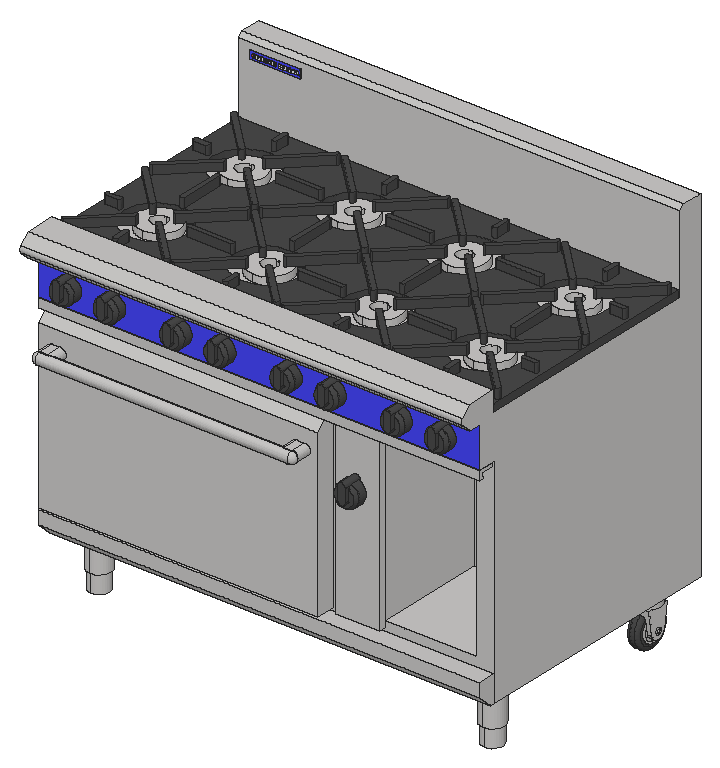
Revit family "QF_MOFFAT_BLUESEAL_CE_G58D", category Specialty Equipment, Revit 2012
Parameters
  Width = 1200 mm
  Weight in Pounds = 584
  Watts = 130 W
  Volts = 230 V
  URL Cutsheet = "www.moffat.com"
  URL = "www.moffat.com"
  Type Mark [instance] = ""
  Status [instance] = ""
  Specification by User [instance] = ""
  Specification by Manufacturer = ""
  Show Logo [instance] = yes
  Show Clearance [instance] = yes
  Show Casters [instance] = yes
  Serial Number = ""
  Seismic Rating = ""
  SMACNA No = ""
  Revision Code [instance] = ""
  Phase = 1
  Omniclass Number and Title = ""
  Number of Poles [instance] = 1
  NAFEM Spec ID Number = ""
  Model = "G58D"
  Min Ckt Ampacity = 0 A
  Mechanical Remarks = ""
  Mechanical Connection Type [instance] = ""
  Max Overcurrent Protection = 0 A
  Masterspec = ""
  Manufacturer = "MOFFAT BLUESEAL"
  Legs [instance] = not(Show Casters)  # no
  Item Number [instance] = ""
  Installed By [instance] = ""
  Identify Quantity as Lot [instance] = yes
  Height = 970 mm
  HP = ""
  Gas Size = 3/4"
  Gas RI Height [instance] = 0 mm
  Gas KW = 65
  Gas Input = 222500.0 Btu/h
  Gas Connection Height = 0 mm
  Furnished By [instance] = ""
  Foodservice Equipment Identifier [instance] = yes
  FL Amps = 0.6 A
  Electrical Remarks = ""
  Electric Connection Type = ""
  Elec Conn RI Height = 0 mm
  Elec Conn Connection Height = 0 mm
  Description = "1200MM GAS RANGE WITH CONVECTION OVEN"
  Depth = 812 mm
  Cycle = 60 Hz
  Conn Plug = ""
  Conn Conduit = yes
  CSI MasterFormat = ""
  CSI Master Format = ""
  Body Finish = QF_Finishes_Stainless Steel
  Apparent Power = 0 VA
Reference planes
  plane 1 "BACK": y = 0
  plane 2: z = 0
  plane 3 "LEFT": x = 0
  plane 4 "RIGHT": x = 1200
  plane 5 "FRONT": y = -812
  plane 6 "TOP": z = 970
  plane 7 "Center Y": x = 600
  plane 8 "Center X": y = -406
  plane 9: x = 280
  plane 10: y = -574.272
  plane 11: x = 60
  plane 12: y = -304.972
  plane 13: y = -364.972
  plane 14: x = 74
  plane 15: y = -812
  plane 16: x = 1134.5
  plane 17: y = -32
  plane 18: z = 655
  plane 19: x = 65.5
  plane 20: x = 65.8
  plane 21: z = 1085
  plane 22: y = -705
  plane 23: y = -100
Forms (mm)
  Extrusion 1, solid, material "QF_Finishes_Stainless Steel" <- "Body Finish"
    sketch origin (0, 0, 0) x (0, 1, 0) y (0, 0, 1)
      loop
        line (0, 150) -> (0, 1085) -> (-57.5, 1085) -> (-70, 1072.5) -> (-70, 861.8) -> (-705, 861.8) -> (-705, 915) -> (-783.97, 915) -> (-808.49, 890.48)
        arc (-808.49, 890.48) -> (-812.002, 882) -> (-808.49, 873.52) r 11.993
        line (-808.49, 873.52) -> (-784.97, 850) -> (-749, 850) -> (-749, 740) -> (-699, 740) -> (-699, 150) -> (0, 150)
      loop
        line (-749, 222.5) -> (-749, 186) -> (-713, 150) -> (-703.2, 150) -> (-703.2, 222.5) -> (-749, 222.5)
      loop
        line (-749, 713.781) -> (-740.224, 713.781) -> (-742.613, 730.781) -> (-707.93, 730.781) -> (-707.93, 737.784) -> (-749, 737.784) -> (-749, 713.781)
    from 0 to 1200
  Extrusion 2, solid, material "QF_Finishes_Stainless Steel"
    sketch origin (0, 7, 0) x (0, 1, 0) y (0, 0, 1)
      loop
        line (-706, 700) -> (-732, 700) -> (-756, 676) -> (-756, 227.5) -> (-706, 227.5) -> (-706, 700)
    from 0 to 760
  Extrusion 3, solid, material "QF_Finishes_Stainless Steel"
    sketch origin (723.5, 7, 0) x (0, 1, 0) y (0, 0, 1)
      loop
        line (-706, 700) -> (-721, 700) -> (-721, 227.5) -> (-706, 227.5) -> (-706, 700)
    from 56.898 to 176.5
  Revolve 4, solid, material "QF_Finishes_Stainless Steel" <- "Body Finish"
    sketch origin (1134.5, -696.126, 0) x (0, 1, 0) y (0, 0, -1)
      loop
        line (39.376, -150) -> (71.126, -150) -> (71.126, 0) -> (43.626, 0) -> (43.626, -50) -> (39.376, -50) -> (39.376, -150)
      axis (71.126, -150) -> (71.126, 0)
    angle from 0 to 360
  Revolve 5, solid, material "QF_Finishes_Stainless Steel" <- "Body Finish"
    sketch origin (65.5, -696.126, 0) x (0, 1, 0) y (0, 0, 1)
      loop
        line (39.376, 150) -> (39.376, 50) -> (43.626, 50) -> (43.626, 0) -> (71.126, 0) -> (71.126, 150) -> (39.376, 150)
      axis (71.126, 150) -> (71.126, 0)
    angle from 0 to 360
  Extrusion 6, solid, material "QF_Finishes_Stainless Steel"
    sketch origin (-64.5, 0, 325) x (1, 0, 0) y (0, 1, 0)
      loop
        circle (1134.5, -32) r 10
    from 330 to 374.856
  Extrusion 7, void
    sketch origin (0, -699, 150) x (0, 0, -1) y (-1, 0, 0)
      loop
        line (-529.781, -900) -> (-529.781, -1150) -> (-96, -1150) -> (-96, -900) -> (-529.781, -900)
    from 0 to 304.8
  Extrusion 8, solid, material "QF_Finishes_Black"
    sketch origin (0, -70, 861.8) x (0, -1, 0) y (1, 0, 0)
      loop
        arc (1, 4) -> (1.879, 1.879) -> (4, 1) r 3
        line (4, 1) -> (632, 1)
        arc (632, 1) -> (634.121, 1.879) -> (635, 4) r 3
        line (635, 4) -> (635, 1197)
        arc (635, 1197) -> (634.121, 1199.121) -> (632, 1200) r 3
        line (632, 1200) -> (4, 1200)
        arc (4, 1200) -> (1.879, 1199.121) -> (1, 1197) r 3
        line (1, 1197) -> (1, 4)
      loop
        circle (167.5, 150) r 85
      loop
        circle (167.5, 450) r 85
      loop
        circle (467.768, 150) r 85
      loop
        circle (467.768, 450) r 85
      loop
        circle (167.5, 750) r 85
      loop
        circle (467.768, 750) r 85
      loop
        circle (167.5, 1050) r 85
      loop
        circle (467.768, 1050) r 85
    from 0 to 19.5
  Extrusion 9, solid, material "QF_Finishes_Black"
    sketch origin (0, -70, 881.3) x (0, -1, 0) y (1, 0, 0)
      loop
        spline (327.102, 15.153) -> (326.181, 13.924) -> (325.631, 12.47) -> (325.49, 10.89) -> (325.767, 9.292) -> (326.443, 7.786) -> (327.473, 6.473) -> (328.786, 5.443) -> (330.292, 4.767) -> (331.89, 4.49) -> (333.47, 4.631) -> (334.924, 5.181) -> (336.153, 6.102)
        line (336.153, 6.102) -> (444.076, 114.025)
        spline (444.076, 114.025) -> (444.837, 115.095) -> (445.238, 116.399) -> (445.251, 117.851) -> (444.875, 119.35) -> (444.137, 120.795) -> (443.086, 122.086) -> (441.795, 123.137) -> (440.35, 123.875) -> (438.851, 124.251) -> (437.399, 124.238) -> (436.095, 123.837) -> (435.025, 123.076)
        line (435.025, 123.076) -> (327.102, 15.153)
      loop
        line (611.398, 15.153) -> (503.475, 123.076)
        spline (503.475, 123.076) -> (502.405, 123.837) -> (501.101, 124.238) -> (499.649, 124.251) -> (498.15, 123.875) -> (496.705, 123.137) -> (495.414, 122.086) -> (494.363, 120.795) -> (493.625, 119.35) -> (493.249, 117.851) -> (493.262, 116.399) -> (493.663, 115.095) -> (494.424, 114.025)
        line (494.424, 114.025) -> (602.347, 6.102)
        spline (602.347, 6.102) -> (603.416, 5.341) -> (604.721, 4.941) -> (606.172, 4.928) -> (607.671, 5.303) -> (609.116, 6.041) -> (610.408, 7.092) -> (611.459, 8.384) -> (612.197, 9.829) -> (612.572, 11.328) -> (612.559, 12.779) -> (612.159, 14.084) -> (611.398, 15.153)
      loop
        spline (379.102, 143.6) -> (380.396, 143.818) -> (381.602, 144.457) -> (382.638, 145.475) -> (383.432, 146.8) -> (383.932, 148.344) -> (384.102, 150) -> (383.932, 151.656) -> (383.432, 153.2) -> (382.638, 154.525) -> (381.602, 155.543) -> (380.396, 156.182) -> (379.102, 156.4)
        line (379.102, 156.4) -> (259.398, 156.4)
        spline (259.398, 156.4) -> (258.104, 156.182) -> (256.898, 155.543) -> (255.862, 154.525) -> (255.068, 153.2) -> (254.568, 151.656) -> (254.398, 150) -> (254.568, 148.344) -> (255.068, 146.8) -> (255.862, 145.475) -> (256.898, 144.457) -> (258.104, 143.818) -> (259.398, 143.6)
        line (259.398, 143.6) -> (379.102, 143.6)
      loop
        spline (23.602, 15.153) -> (22.681, 13.924) -> (22.131, 12.47) -> (21.99, 10.89) -> (22.267, 9.292) -> (22.943, 7.786) -> (23.973, 6.473) -> (25.286, 5.443) -> (26.792, 4.767) -> (28.39, 4.49) -> (29.97, 4.631) -> (31.424, 5.181) -> (32.653, 6.102)
        line (32.653, 6.102) -> (140.576, 114.025)
        spline (140.576, 114.025) -> (141.337, 115.095) -> (141.738, 116.399) -> (141.751, 117.851) -> (141.375, 119.35) -> (140.637, 120.795) -> (139.586, 122.086) -> (138.295, 123.137) -> (136.85, 123.875) -> (135.351, 124.251) -> (133.899, 124.238) -> (132.595, 123.837) -> (131.525, 123.076)
        line (131.525, 123.076) -> (23.602, 15.153)
      loop
        line (311.398, 15.153) -> (203.475, 123.076)
        spline (203.475, 123.076) -> (202.405, 123.837) -> (201.101, 124.238) -> (199.649, 124.251) -> (198.15, 123.875) -> (196.705, 123.137) -> (195.414, 122.086) -> (194.363, 120.795) -> (193.625, 119.35) -> (193.249, 117.851) -> (193.262, 116.399) -> (193.663, 115.095) -> (194.424, 114.025)
        line (194.424, 114.025) -> (302.347, 6.102)
        spline (302.347, 6.102) -> (303.416, 5.341) -> (304.721, 4.941) -> (306.172, 4.928) -> (307.671, 5.303) -> (309.116, 6.041) -> (310.408, 7.092) -> (311.459, 8.384) -> (312.197, 9.829) -> (312.572, 11.328) -> (312.559, 12.779) -> (312.159, 14.084) -> (311.398, 15.153)
      loop
        line (327.102, 284.847) -> (435.025, 176.924)
        spline (435.025, 176.924) -> (436.095, 176.163) -> (437.399, 175.762) -> (438.851, 175.749) -> (440.35, 176.125) -> (441.795, 176.863) -> (443.086, 177.914) -> (444.137, 179.205) -> (444.875, 180.65) -> (445.251, 182.149) -> (445.238, 183.601) -> (444.837, 184.905) -> (444.076, 185.975)
        line (444.076, 185.975) -> (336.153, 293.898)
        spline (336.153, 293.898) -> (334.924, 294.819) -> (333.47, 295.369) -> (331.89, 295.51) -> (330.292, 295.233) -> (328.786, 294.557) -> (327.473, 293.527) -> (326.443, 292.214) -> (325.767, 290.708) -> (325.49, 289.11) -> (325.631, 287.53) -> (326.181, 286.076) -> (327.102, 284.847)
      loop
        spline (611.398, 284.847) -> (612.159, 285.916) -> (612.559, 287.221) -> (612.572, 288.672) -> (612.197, 290.171) -> (611.459, 291.616) -> (610.408, 292.908) -> (609.116, 293.959) -> (607.671, 294.697) -> (606.172, 295.072) -> (604.721, 295.059) -> (603.416, 294.659) -> (602.347, 293.898)
        line (602.347, 293.898) -> (494.424, 185.975)
        spline (494.424, 185.975) -> (493.663, 184.905) -> (493.262, 183.601) -> (493.249, 182.149) -> (493.625, 180.65) -> (494.363, 179.205) -> (495.414, 177.914) -> (496.705, 176.863) -> (498.15, 176.125) -> (499.649, 175.749) -> (501.101, 175.762) -> (502.405, 176.163) -> (503.475, 176.924)
        line (503.475, 176.924) -> (611.398, 284.847)
      loop
        spline (461.1, 241.898) -> (461.318, 240.604) -> (461.957, 239.398) -> (462.975, 238.362) -> (464.3, 237.568) -> (465.844, 237.068) -> (467.5, 236.898) -> (469.156, 237.068) -> (470.7, 237.568) -> (472.025, 238.362) -> (473.043, 239.398) -> (473.682, 240.604) -> (473.9, 241.898)
        line (473.9, 241.898) -> (473.9, 358.102)
        spline (473.9, 358.102) -> (473.682, 359.396) -> (473.043, 360.602) -> (472.025, 361.638) -> (470.7, 362.432) -> (469.156, 362.932) -> (467.5, 363.102) -> (465.844, 362.932) -> (464.3, 362.432) -> (462.975, 361.638) -> (461.957, 360.602) -> (461.318, 359.396) -> (461.1, 358.102)
        line (461.1, 358.102) -> (461.1, 241.898)
      loop
        line (23.602, 284.847) -> (131.525, 176.924)
        spline (131.525, 176.924) -> (132.595, 176.163) -> (133.899, 175.762) -> (135.351, 175.749) -> (136.85, 176.125) -> (138.295, 176.863) -> (139.586, 177.914) -> (140.637, 179.205) -> (141.375, 180.65) -> (141.751, 182.149) -> (141.738, 183.601) -> (141.337, 184.905) -> (140.576, 185.975)
        line (140.576, 185.975) -> (32.653, 293.898)
        spline (32.653, 293.898) -> (31.424, 294.819) -> (29.97, 295.369) -> (28.39, 295.51) -> (26.792, 295.233) -> (25.286, 294.557) -> (23.973, 293.527) -> (22.943, 292.214) -> (22.267, 290.708) -> (21.99, 289.11) -> (22.131, 287.53) -> (22.681, 286.076) -> (23.602, 284.847)
      loop
        spline (311.398, 284.847) -> (312.159, 285.916) -> (312.559, 287.221) -> (312.572, 288.672) -> (312.197, 290.171) -> (311.459, 291.616) -> (310.408, 292.908) -> (309.116, 293.959) -> (307.671, 294.697) -> (306.172, 295.072) -> (304.721, 295.059) -> (303.416, 294.659) -> (302.347, 293.898)
        line (302.347, 293.898) -> (194.424, 185.975)
        spline (194.424, 185.975) -> (193.663, 184.905) -> (193.262, 183.601) -> (193.249, 182.149) -> (193.625, 180.65) -> (194.363, 179.205) -> (195.414, 177.914) -> (196.705, 176.863) -> (198.15, 176.125) -> (199.649, 175.749) -> (201.101, 175.762) -> (202.405, 176.163) -> (203.475, 176.924)
        line (203.475, 176.924) -> (311.398, 284.847)
      loop
        spline (161.1, 241.898) -> (161.318, 240.604) -> (161.957, 239.398) -> (162.975, 238.362) -> (164.3, 237.568) -> (165.844, 237.068) -> (167.5, 236.898) -> (169.156, 237.068) -> (170.7, 237.568) -> (172.025, 238.362) -> (173.043, 239.398) -> (173.682, 240.604) -> (173.9, 241.898)
        line (173.9, 241.898) -> (173.9, 358.102)
        spline (173.9, 358.102) -> (173.682, 359.396) -> (173.043, 360.602) -> (172.025, 361.638) -> (170.7, 362.432) -> (169.156, 362.932) -> (167.5, 363.102) -> (165.844, 362.932) -> (164.3, 362.432) -> (162.975, 361.638) -> (161.957, 360.602) -> (161.318, 359.396) -> (161.1, 358.102)
        line (161.1, 358.102) -> (161.1, 241.898)
      loop
        line (379.102, 456.4) -> (259.398, 456.4)
        spline (259.398, 456.4) -> (258.104, 456.182) -> (256.898, 455.543) -> (255.862, 454.525) -> (255.068, 453.2) -> (254.568, 451.656) -> (254.398, 450) -> (254.568, 448.344) -> (255.068, 446.8) -> (255.862, 445.475) -> (256.898, 444.457) -> (258.104, 443.818) -> (259.398, 443.6)
        line (259.398, 443.6) -> (379.102, 443.6)
        spline (379.102, 443.6) -> (380.396, 443.818) -> (381.602, 444.457) -> (382.638, 445.475) -> (383.432, 446.8) -> (383.932, 448.344) -> (384.102, 450) -> (383.932, 451.656) -> (383.432, 453.2) -> (382.638, 454.525) -> (381.602, 455.543) -> (380.396, 456.182) -> (379.102, 456.4)
      loop
        spline (327.102, 315.153) -> (326.181, 313.924) -> (325.631, 312.47) -> (325.49, 310.89) -> (325.767, 309.292) -> (326.443, 307.786) -> (327.473, 306.473) -> (328.786, 305.443) -> (330.292, 304.767) -> (331.89, 304.49) -> (333.47, 304.631) -> (334.924, 305.181) -> (336.153, 306.102)
        line (336.153, 306.102) -> (444.076, 414.025)
        spline (444.076, 414.025) -> (444.837, 415.095) -> (445.238, 416.399) -> (445.251, 417.851) -> (444.875, 419.35) -> (444.137, 420.795) -> (443.086, 422.086) -> (441.795, 423.137) -> (440.35, 423.875) -> (438.851, 424.251) -> (437.399, 424.238) -> (436.095, 423.837) -> (435.025, 423.076)
        line (435.025, 423.076) -> (327.102, 315.153)
      loop
        line (611.398, 315.153) -> (503.475, 423.076)
        spline (503.475, 423.076) -> (502.405, 423.837) -> (501.101, 424.238) -> (499.649, 424.251) -> (498.15, 423.875) -> (496.705, 423.137) -> (495.414, 422.086) -> (494.363, 420.795) -> (493.625, 419.35) -> (493.249, 417.851) -> (493.262, 416.399) -> (493.663, 415.095) -> (494.424, 414.025)
        line (494.424, 414.025) -> (602.347, 306.102)
        spline (602.347, 306.102) -> (603.416, 305.341) -> (604.721, 304.941) -> (606.172, 304.928) -> (607.671, 305.303) -> (609.116, 306.041) -> (610.408, 307.092) -> (611.459, 308.384) -> (612.197, 309.829) -> (612.572, 311.328) -> (612.559, 312.779) -> (612.159, 314.084) -> (611.398, 315.153)
      loop
        spline (23.602, 315.153) -> (22.681, 313.924) -> (22.131, 312.47) -> (21.99, 310.89) -> (22.267, 309.292) -> (22.943, 307.786) -> (23.973, 306.473) -> (25.286, 305.443) -> (26.792, 304.767) -> (28.39, 304.49) -> (29.97, 304.631) -> (31.424, 305.181) -> (32.653, 306.102)
        line (32.653, 306.102) -> (140.576, 414.025)
        spline (140.576, 414.025) -> (141.337, 415.095) -> (141.738, 416.399) -> (141.751, 417.851) -> (141.375, 419.35) -> (140.637, 420.795) -> (139.586, 422.086) -> (138.295, 423.137) -> (136.85, 423.875) -> (135.351, 424.251) -> (133.899, 424.238) -> (132.595, 423.837) -> (131.525, 423.076)
        line (131.525, 423.076) -> (23.602, 315.153)
      loop
        line (311.398, 315.153) -> (203.475, 423.076)
        spline (203.475, 423.076) -> (202.405, 423.837) -> (201.101, 424.238) -> (199.649, 424.251) -> (198.15, 423.875) -> (196.705, 423.137) -> (195.414, 422.086) -> (194.363, 420.795) -> (193.625, 419.35) -> (193.249, 417.851) -> (193.262, 416.399) -> (193.663, 415.095) -> (194.424, 414.025)
        line (194.424, 414.025) -> (302.347, 306.102)
        spline (302.347, 306.102) -> (303.416, 305.341) -> (304.721, 304.941) -> (306.172, 304.928) -> (307.671, 305.303) -> (309.116, 306.041) -> (310.408, 307.092) -> (311.459, 308.384) -> (312.197, 309.829) -> (312.572, 311.328) -> (312.559, 312.779) -> (312.159, 314.084) -> (311.398, 315.153)
      loop
        line (327.102, 584.847) -> (435.025, 476.924)
        spline (435.025, 476.924) -> (436.095, 476.163) -> (437.399, 475.762) -> (438.851, 475.749) -> (440.35, 476.125) -> (441.795, 476.863) -> (443.086, 477.914) -> (444.137, 479.205) -> (444.875, 480.65) -> (445.251, 482.149) -> (445.238, 483.601) -> (444.837, 484.905) -> (444.076, 485.975)
        line (444.076, 485.975) -> (336.153, 593.898)
        spline (336.153, 593.898) -> (334.924, 594.819) -> (333.47, 595.369) -> (331.89, 595.51) -> (330.292, 595.233) -> (328.786, 594.557) -> (327.473, 593.527) -> (326.443, 592.214) -> (325.767, 590.708) -> (325.49, 589.11) -> (325.631, 587.53) -> (326.181, 586.076) -> (327.102, 584.847)
      loop
        spline (611.398, 584.847) -> (612.159, 585.916) -> (612.559, 587.221) -> (612.572, 588.672) -> (612.197, 590.171) -> (611.459, 591.616) -> (610.408, 592.908) -> (609.116, 593.959) -> (607.671, 594.697) -> (606.172, 595.072) -> (604.721, 595.059) -> (603.416, 594.659) -> (602.347, 593.898)
        line (602.347, 593.898) -> (494.424, 485.975)
        spline (494.424, 485.975) -> (493.663, 484.905) -> (493.262, 483.601) -> (493.249, 482.149) -> (493.625, 480.65) -> (494.363, 479.205) -> (495.414, 477.914) -> (496.705, 476.863) -> (498.15, 476.125) -> (499.649, 475.749) -> (501.101, 475.762) -> (502.405, 476.163) -> (503.475, 476.924)
        line (503.475, 476.924) -> (611.398, 584.847)
      loop
        line (23.602, 584.847) -> (131.525, 476.924)
        spline (131.525, 476.924) -> (132.595, 476.163) -> (133.899, 475.762) -> (135.351, 475.749) -> (136.85, 476.125) -> (138.295, 476.863) -> (139.586, 477.914) -> (140.637, 479.205) -> (141.375, 480.65) -> (141.751, 482.149) -> (141.738, 483.601) -> (141.337, 484.905) -> (140.576, 485.975)
        line (140.576, 485.975) -> (32.653, 593.898)
        spline (32.653, 593.898) -> (31.424, 594.819) -> (29.97, 595.369) -> (28.39, 595.51) -> (26.792, 595.233) -> (25.286, 594.557) -> (23.973, 593.527) -> (22.943, 592.214) -> (22.267, 590.708) -> (21.99, 589.11) -> (22.131, 587.53) -> (22.681, 586.076) -> (23.602, 584.847)
      loop
        spline (311.398, 584.847) -> (312.159, 585.916) -> (312.559, 587.221) -> (312.572, 588.672) -> (312.197, 590.171) -> (311.459, 591.616) -> (310.408, 592.908) -> (309.116, 593.959) -> (307.671, 594.697) -> (306.172, 595.072) -> (304.721, 595.059) -> (303.416, 594.659) -> (302.347, 593.898)
        line (302.347, 593.898) -> (194.424, 485.975)
        spline (194.424, 485.975) -> (193.663, 484.905) -> (193.262, 483.601) -> (193.249, 482.149) -> (193.625, 480.65) -> (194.363, 479.205) -> (195.414, 477.914) -> (196.705, 476.863) -> (198.15, 476.125) -> (199.649, 475.749) -> (201.101, 475.762) -> (202.405, 476.163) -> (203.475, 476.924)
        line (203.475, 476.924) -> (311.398, 584.847)
      loop
        spline (461.1, 541.898) -> (461.318, 540.604) -> (461.957, 539.398) -> (462.975, 538.362) -> (464.3, 537.568) -> (465.844, 537.068) -> (467.5, 536.898) -> (469.156, 537.068) -> (470.7, 537.568) -> (472.025, 538.362) -> (473.043, 539.398) -> (473.682, 540.604) -> (473.9, 541.898)
        line (473.9, 541.898) -> (473.9, 658.102)
        spline (473.9, 658.102) -> (473.682, 659.396) -> (473.043, 660.602) -> (472.025, 661.638) -> (470.7, 662.432) -> (469.156, 662.932) -> (467.5, 663.102) -> (465.844, 662.932) -> (464.3, 662.432) -> (462.975, 661.638) -> (461.957, 660.602) -> (461.318, 659.396) -> (461.1, 658.102)
        line (461.1, 658.102) -> (461.1, 541.898)
      loop
        spline (161.1, 541.898) -> (161.318, 540.604) -> (161.957, 539.398) -> (162.975, 538.362) -> (164.3, 537.568) -> (165.844, 537.068) -> (167.5, 536.898) -> (169.156, 537.068) -> (170.7, 537.568) -> (172.025, 538.362) -> (173.043, 539.398) -> (173.682, 540.604) -> (173.9, 541.898)
        line (173.9, 541.898) -> (173.9, 658.102)
        spline (173.9, 658.102) -> (173.682, 659.396) -> (173.043, 660.602) -> (172.025, 661.638) -> (170.7, 662.432) -> (169.156, 662.932) -> (167.5, 663.102) -> (165.844, 662.932) -> (164.3, 662.432) -> (162.975, 661.638) -> (161.957, 660.602) -> (161.318, 659.396) -> (161.1, 658.102)
        line (161.1, 658.102) -> (161.1, 541.898)
      loop
        line (379.102, 756.4) -> (259.398, 756.4)
        spline (259.398, 756.4) -> (258.104, 756.182) -> (256.898, 755.543) -> (255.862, 754.525) -> (255.068, 753.2) -> (254.568, 751.656) -> (254.398, 750) -> (254.568, 748.344) -> (255.068, 746.8) -> (255.862, 745.475) -> (256.898, 744.457) -> (258.104, 743.818) -> (259.398, 743.6)
        line (259.398, 743.6) -> (379.102, 743.6)
        spline (379.102, 743.6) -> (380.396, 743.818) -> (381.602, 744.457) -> (382.638, 745.475) -> (383.432, 746.8) -> (383.932, 748.344) -> (384.102, 750) -> (383.932, 751.656) -> (383.432, 753.2) -> (382.638, 754.525) -> (381.602, 755.543) -> (380.396, 756.182) -> (379.102, 756.4)
      loop
        spline (327.102, 615.153) -> (326.181, 613.924) -> (325.631, 612.47) -> (325.49, 610.89) -> (325.767, 609.292) -> (326.443, 607.786) -> (327.473, 606.473) -> (328.786, 605.443) -> (330.292, 604.767) -> (331.89, 604.49) -> (333.47, 604.631) -> (334.924, 605.181) -> (336.153, 606.102)
        line (336.153, 606.102) -> (444.076, 714.025)
        spline (444.076, 714.025) -> (444.837, 715.095) -> (445.238, 716.399) -> (445.251, 717.851) -> (444.875, 719.35) -> (444.137, 720.795) -> (443.086, 722.086) -> (441.795, 723.137) -> (440.35, 723.875) -> (438.851, 724.251) -> (437.399, 724.238) -> (436.095, 723.837) -> (435.025, 723.076)
        line (435.025, 723.076) -> (327.102, 615.153)
      loop
        line (611.398, 615.153) -> (503.475, 723.076)
        spline (503.475, 723.076) -> (502.405, 723.837) -> (501.101, 724.238) -> (499.649, 724.251) -> (498.15, 723.875) -> (496.705, 723.137) -> (495.414, 722.086) -> (494.363, 720.795) -> (493.625, 719.35) -> (493.249, 717.851) -> (493.262, 716.399) -> (493.663, 715.095) -> (494.424, 714.025)
        line (494.424, 714.025) -> (602.347, 606.102)
        spline (602.347, 606.102) -> (603.416, 605.341) -> (604.721, 604.941) -> (606.172, 604.928) -> (607.671, 605.303) -> (609.116, 606.041) -> (610.408, 607.092) -> (611.459, 608.384) -> (612.197, 609.829) -> (612.572, 611.328) -> (612.559, 612.779) -> (612.159, 614.084) -> (611.398, 615.153)
      loop
        spline (23.602, 615.153) -> (22.681, 613.924) -> (22.131, 612.47) -> (21.99, 610.89) -> (22.267, 609.292) -> (22.943, 607.786) -> (23.973, 606.473) -> (25.286, 605.443) -> (26.792, 604.767) -> (28.39, 604.49) -> (29.97, 604.631) -> (31.424, 605.181) -> (32.653, 606.102)
        line (32.653, 606.102) -> (140.576, 714.025)
        spline (140.576, 714.025) -> (141.337, 715.095) -> (141.738, 716.399) -> (141.751, 717.851) -> (141.375, 719.35) -> (140.637, 720.795) -> (139.586, 722.086) -> (138.295, 723.137) -> (136.85, 723.875) -> (135.351, 724.251) -> (133.899, 724.238) -> (132.595, 723.837) -> (131.525, 723.076)
        line (131.525, 723.076) -> (23.602, 615.153)
      loop
        line (311.398, 615.153) -> (203.475, 723.076)
        spline (203.475, 723.076) -> (202.405, 723.837) -> (201.101, 724.238) -> (199.649, 724.251) -> (198.15, 723.875) -> (196.705, 723.137) -> (195.414, 722.086) -> (194.363, 720.795) -> (193.625, 719.35) -> (193.249, 717.851) -> (193.262, 716.399) -> (193.663, 715.095) -> (194.424, 714.025)
        line (194.424, 714.025) -> (302.347, 606.102)
        spline (302.347, 606.102) -> (303.416, 605.341) -> (304.721, 604.941) -> (306.172, 604.928) -> (307.671, 605.303) -> (309.116, 606.041) -> (310.408, 607.092) -> (311.459, 608.384) -> (312.197, 609.829) -> (312.572, 611.328) -> (312.559, 612.779) -> (312.159, 614.084) -> (311.398, 615.153)
      loop
        line (327.102, 884.847) -> (435.025, 776.924)
        spline (435.025, 776.924) -> (436.095, 776.163) -> (437.399, 775.762) -> (438.851, 775.749) -> (440.35, 776.125) -> (441.795, 776.863) -> (443.086, 777.914) -> (444.137, 779.205) -> (444.875, 780.65) -> (445.251, 782.149) -> (445.238, 783.601) -> (444.837, 784.905) -> (444.076, 785.975)
        line (444.076, 785.975) -> (336.153, 893.898)
        spline (336.153, 893.898) -> (334.924, 894.819) -> (333.47, 895.369) -> (331.89, 895.51) -> (330.292, 895.233) -> (328.786, 894.557) -> (327.473, 893.527) -> (326.443, 892.214) -> (325.767, 890.708) -> (325.49, 889.11) -> (325.631, 887.53) -> (326.181, 886.076) -> (327.102, 884.847)
      loop
        spline (611.398, 884.847) -> (612.159, 885.916) -> (612.559, 887.221) -> (612.572, 888.672) -> (612.197, 890.171) -> (611.459, 891.616) -> (610.408, 892.908) -> (609.116, 893.959) -> (607.671, 894.697) -> (606.172, 895.072) -> (604.721, 895.059) -> (603.416, 894.659) -> (602.347, 893.898)
        line (602.347, 893.898) -> (494.424, 785.975)
        spline (494.424, 785.975) -> (493.663, 784.905) -> (493.262, 783.601) -> (493.249, 782.149) -> (493.625, 780.65) -> (494.363, 779.205) -> (495.414, 777.914) -> (496.705, 776.863) -> (498.15, 776.125) -> (499.649, 775.749) -> (501.101, 775.762) -> (502.405, 776.163) -> (503.475, 776.924)
        line (503.475, 776.924) -> (611.398, 884.847)
      loop
        line (23.602, 884.847) -> (131.525, 776.924)
        spline (131.525, 776.924) -> (132.595, 776.163) -> (133.899, 775.762) -> (135.351, 775.749) -> (136.85, 776.125) -> (138.295, 776.863) -> (139.586, 777.914) -> (140.637, 779.205) -> (141.375, 780.65) -> (141.751, 782.149) -> (141.738, 783.601) -> (141.337, 784.905) -> (140.576, 785.975)
        line (140.576, 785.975) -> (32.653, 893.898)
        spline (32.653, 893.898) -> (31.424, 894.819) -> (29.97, 895.369) -> (28.39, 895.51) -> (26.792, 895.233) -> (25.286, 894.557) -> (23.973, 893.527) -> (22.943, 892.214) -> (22.267, 890.708) -> (21.99, 889.11) -> (22.131, 887.53) -> (22.681, 886.076) -> (23.602, 884.847)
      loop
        spline (311.398, 884.847) -> (312.159, 885.916) -> (312.559, 887.221) -> (312.572, 888.672) -> (312.197, 890.171) -> (311.459, 891.616) -> (310.408, 892.908) -> (309.116, 893.959) -> (307.671, 894.697) -> (306.172, 895.072) -> (304.721, 895.059) -> (303.416, 894.659) -> (302.347, 893.898)
        line (302.347, 893.898) -> (194.424, 785.975)
        spline (194.424, 785.975) -> (193.663, 784.905) -> (193.262, 783.601) -> (193.249, 782.149) -> (193.625, 780.65) -> (194.363, 779.205) -> (195.414, 777.914) -> (196.705, 776.863) -> (198.15, 776.125) -> (199.649, 775.749) -> (201.101, 775.762) -> (202.405, 776.163) -> (203.475, 776.924)
        line (203.475, 776.924) -> (311.398, 884.847)
      loop
        line (327.102, 1184.847) -> (435.025, 1076.924)
        spline (435.025, 1076.924) -> (436.095, 1076.163) -> (437.399, 1075.762) -> (438.851, 1075.749) -> (440.35, 1076.125) -> (441.795, 1076.863) -> (443.086, 1077.914) -> (444.137, 1079.205) -> (444.875, 1080.65) -> (445.251, 1082.149) -> (445.238, 1083.601) -> (444.837, 1084.905) -> (444.076, 1085.975)
        line (444.076, 1085.975) -> (336.153, 1193.898)
        spline (336.153, 1193.898) -> (334.924, 1194.819) -> (333.47, 1195.369) -> (331.89, 1195.51) -> (330.292, 1195.233) -> (328.786, 1194.557) -> (327.473, 1193.527) -> (326.443, 1192.214) -> (325.767, 1190.708) -> (325.49, 1189.11) -> (325.631, 1187.53) -> (326.181, 1186.076) -> (327.102, 1184.847)
      loop
        spline (611.398, 1184.847) -> (612.159, 1185.916) -> (612.559, 1187.221) -> (612.572, 1188.672) -> (612.197, 1190.171) -> (611.459, 1191.616) -> (610.408, 1192.908) -> (609.116, 1193.959) -> (607.671, 1194.697) -> (606.172, 1195.072) -> (604.721, 1195.059) -> (603.416, 1194.659) -> (602.347, 1193.898)
        line (602.347, 1193.898) -> (494.424, 1085.975)
        spline (494.424, 1085.975) -> (493.663, 1084.905) -> (493.262, 1083.601) -> (493.249, 1082.149) -> (493.625, 1080.65) -> (494.363, 1079.205) -> (495.414, 1077.914) -> (496.705, 1076.863) -> (498.15, 1076.125) -> (499.649, 1075.749) -> (501.101, 1075.762) -> (502.405, 1076.163) -> (503.475, 1076.924)
        line (503.475, 1076.924) -> (611.398, 1184.847)
      loop
        line (379.102, 1056.4) -> (259.398, 1056.4)
        spline (259.398, 1056.4) -> (258.104, 1056.182) -> (256.898, 1055.543) -> (255.862, 1054.525) -> (255.068, 1053.2) -> (254.568, 1051.656) -> (254.398, 1050) -> (254.568, 1048.344) -> (255.068, 1046.8) -> (255.862, 1045.475) -> (256.898, 1044.457) -> (258.104, 1043.818) -> (259.398, 1043.6)
        line (259.398, 1043.6) -> (379.102, 1043.6)
        spline (379.102, 1043.6) -> (380.396, 1043.818) -> (381.602, 1044.457) -> (382.638, 1045.475) -> (383.432, 1046.8) -> (383.932, 1048.344) -> (384.102, 1050) -> (383.932, 1051.656) -> (383.432, 1053.2) -> (382.638, 1054.525) -> (381.602, 1055.543) -> (380.396, 1056.182) -> (379.102, 1056.4)
      loop
        line (23.602, 1184.847) -> (131.525, 1076.924)
        spline (131.525, 1076.924) -> (132.595, 1076.163) -> (133.899, 1075.762) -> (135.351, 1075.749) -> (136.85, 1076.125) -> (138.295, 1076.863) -> (139.586, 1077.914) -> (140.637, 1079.205) -> (141.375, 1080.65) -> (141.751, 1082.149) -> (141.738, 1083.601) -> (141.337, 1084.905) -> (140.576, 1085.975)
        line (140.576, 1085.975) -> (32.653, 1193.898)
        spline (32.653, 1193.898) -> (31.424, 1194.819) -> (29.97, 1195.369) -> (28.39, 1195.51) -> (26.792, 1195.233) -> (25.286, 1194.557) -> (23.973, 1193.527) -> (22.943, 1192.214) -> (22.267, 1190.708) -> (21.99, 1189.11) -> (22.131, 1187.53) -> (22.681, 1186.076) -> (23.602, 1184.847)
      loop
        spline (311.398, 1184.847) -> (312.159, 1185.916) -> (312.559, 1187.221) -> (312.572, 1188.672) -> (312.197, 1190.171) -> (311.459, 1191.616) -> (310.408, 1192.908) -> (309.116, 1193.959) -> (307.671, 1194.697) -> (306.172, 1195.072) -> (304.721, 1195.059) -> (303.416, 1194.659) -> (302.347, 1193.898)
        line (302.347, 1193.898) -> (194.424, 1085.975)
        spline (194.424, 1085.975) -> (193.663, 1084.905) -> (193.262, 1083.601) -> (193.249, 1082.149) -> (193.625, 1080.65) -> (194.363, 1079.205) -> (195.414, 1077.914) -> (196.705, 1076.863) -> (198.15, 1076.125) -> (199.649, 1075.749) -> (201.101, 1075.762) -> (202.405, 1076.163) -> (203.475, 1076.924)
        line (203.475, 1076.924) -> (311.398, 1184.847)
      loop
        spline (327.102, 915.153) -> (326.181, 913.924) -> (325.631, 912.47) -> (325.49, 910.89) -> (325.767, 909.292) -> (326.443, 907.786) -> (327.473, 906.473) -> (328.786, 905.443) -> (330.292, 904.767) -> (331.89, 904.49) -> (333.47, 904.631) -> (334.924, 905.181) -> (336.153, 906.102)
        line (336.153, 906.102) -> (444.076, 1014.025)
        spline (444.076, 1014.025) -> (444.837, 1015.095) -> (445.238, 1016.399) -> (445.251, 1017.851) -> (444.875, 1019.35) -> (444.137, 1020.795) -> (443.086, 1022.086) -> (441.795, 1023.137) -> (440.35, 1023.875) -> (438.851, 1024.251) -> (437.399, 1024.238) -> (436.095, 1023.837) -> (435.025, 1023.076)
        line (435.025, 1023.076) -> (327.102, 915.153)
      loop
        line (611.398, 915.153) -> (503.475, 1023.076)
        spline (503.475, 1023.076) -> (502.405, 1023.837) -> (501.101, 1024.238) -> (499.649, 1024.251) -> (498.15, 1023.875) -> (496.705, 1023.137) -> (495.414, 1022.086) -> (494.363, 1020.795) -> (493.625, 1019.35) -> (493.249, 1017.851) -> (493.262, 1016.399) -> (493.663, 1015.095) -> (494.424, 1014.025)
        line (494.424, 1014.025) -> (602.347, 906.102)
        spline (602.347, 906.102) -> (603.416, 905.341) -> (604.721, 904.941) -> (606.172, 904.928) -> (607.671, 905.303) -> (609.116, 906.041) -> (610.408, 907.092) -> (611.459, 908.384) -> (612.197, 909.829) -> (612.572, 911.328) -> (612.559, 912.779) -> (612.159, 914.084) -> (611.398, 915.153)
      loop
        spline (23.602, 915.153) -> (22.681, 913.924) -> (22.131, 912.47) -> (21.99, 910.89) -> (22.267, 909.292) -> (22.943, 907.786) -> (23.973, 906.473) -> (25.286, 905.443) -> (26.792, 904.767) -> (28.39, 904.49) -> (29.97, 904.631) -> (31.424, 905.181) -> (32.653, 906.102)
        line (32.653, 906.102) -> (140.576, 1014.025)
        spline (140.576, 1014.025) -> (141.337, 1015.095) -> (141.738, 1016.399) -> (141.751, 1017.851) -> (141.375, 1019.35) -> (140.637, 1020.795) -> (139.586, 1022.086) -> (138.295, 1023.137) -> (136.85, 1023.875) -> (135.351, 1024.251) -> (133.899, 1024.238) -> (132.595, 1023.837) -> (131.525, 1023.076)
        line (131.525, 1023.076) -> (23.602, 915.153)
      loop
        line (311.398, 915.153) -> (203.475, 1023.076)
        spline (203.475, 1023.076) -> (202.405, 1023.837) -> (201.101, 1024.238) -> (199.649, 1024.251) -> (198.15, 1023.875) -> (196.705, 1023.137) -> (195.414, 1022.086) -> (194.363, 1020.795) -> (193.625, 1019.35) -> (193.249, 1017.851) -> (193.262, 1016.399) -> (193.663, 1015.095) -> (194.424, 1014.025)
        line (194.424, 1014.025) -> (302.347, 906.102)
        spline (302.347, 906.102) -> (303.416, 905.341) -> (304.721, 904.941) -> (306.172, 904.928) -> (307.671, 905.303) -> (309.116, 906.041) -> (310.408, 907.092) -> (311.459, 908.384) -> (312.197, 909.829) -> (312.572, 911.328) -> (312.559, 912.779) -> (312.159, 914.084) -> (311.398, 915.153)
      loop
        line (461.1, 958.102) -> (461.1, 841.898)
        spline (461.1, 841.898) -> (461.318, 840.604) -> (461.957, 839.398) -> (462.975, 838.362) -> (464.3, 837.568) -> (465.844, 837.068) -> (467.5, 836.898) -> (469.156, 837.068) -> (470.7, 837.568) -> (472.025, 838.362) -> (473.043, 839.398) -> (473.682, 840.604) -> (473.9, 841.898)
        line (473.9, 841.898) -> (473.9, 958.102)
        spline (473.9, 958.102) -> (473.682, 959.396) -> (473.043, 960.602) -> (472.025, 961.638) -> (470.7, 962.432) -> (469.156, 962.932) -> (467.5, 963.102) -> (465.844, 962.932) -> (464.3, 962.432) -> (462.975, 961.638) -> (461.957, 960.602) -> (461.318, 959.396) -> (461.1, 958.102)
      loop
        line (161.1, 958.102) -> (161.1, 841.898)
        spline (161.1, 841.898) -> (161.318, 840.604) -> (161.957, 839.398) -> (162.975, 838.362) -> (164.3, 837.568) -> (165.844, 837.068) -> (167.5, 836.898) -> (169.156, 837.068) -> (170.7, 837.568) -> (172.025, 838.362) -> (173.043, 839.398) -> (173.682, 840.604) -> (173.9, 841.898)
        line (173.9, 841.898) -> (173.9, 958.102)
        spline (173.9, 958.102) -> (173.682, 959.396) -> (173.043, 960.602) -> (172.025, 961.638) -> (170.7, 962.432) -> (169.156, 962.932) -> (167.5, 963.102) -> (165.844, 962.932) -> (164.3, 962.432) -> (162.975, 961.638) -> (161.957, 960.602) -> (161.318, 959.396) -> (161.1, 958.102)
      loop
        spline (65.602, 143.6) -> (66.896, 143.818) -> (68.102, 144.457) -> (69.138, 145.475) -> (69.932, 146.8) -> (70.432, 148.344) -> (70.602, 150) -> (70.432, 151.656) -> (69.932, 153.2) -> (69.138, 154.525) -> (68.102, 155.543) -> (66.896, 156.182) -> (65.602, 156.4)
        line (65.602, 156.4) -> (29.398, 156.4)
        spline (29.398, 156.4) -> (28.104, 156.182) -> (26.898, 155.543) -> (25.862, 154.525) -> (25.068, 153.2) -> (24.568, 151.656) -> (24.398, 150) -> (24.568, 148.344) -> (25.068, 146.8) -> (25.862, 145.475) -> (26.898, 144.457) -> (28.104, 143.818) -> (29.398, 143.6)
        line (29.398, 143.6) -> (65.602, 143.6)
      loop
        spline (65.602, 443.6) -> (66.896, 443.818) -> (68.102, 444.457) -> (69.138, 445.475) -> (69.932, 446.8) -> (70.432, 448.344) -> (70.602, 450) -> (70.432, 451.656) -> (69.932, 453.2) -> (69.138, 454.525) -> (68.102, 455.543) -> (66.896, 456.182) -> (65.602, 456.4)
        line (65.602, 456.4) -> (29.398, 456.4)
        spline (29.398, 456.4) -> (28.104, 456.182) -> (26.898, 455.543) -> (25.862, 454.525) -> (25.068, 453.2) -> (24.568, 451.656) -> (24.398, 450) -> (24.568, 448.344) -> (25.068, 446.8) -> (25.862, 445.475) -> (26.898, 444.457) -> (28.104, 443.818) -> (29.398, 443.6)
        line (29.398, 443.6) -> (65.602, 443.6)
      loop
        spline (65.602, 743.6) -> (66.896, 743.818) -> (68.102, 744.457) -> (69.138, 745.475) -> (69.932, 746.8) -> (70.432, 748.344) -> (70.602, 750) -> (70.432, 751.656) -> (69.932, 753.2) -> (69.138, 754.525) -> (68.102, 755.543) -> (66.896, 756.182) -> (65.602, 756.4)
        line (65.602, 756.4) -> (29.398, 756.4)
        spline (29.398, 756.4) -> (28.104, 756.182) -> (26.898, 755.543) -> (25.862, 754.525) -> (25.068, 753.2) -> (24.568, 751.656) -> (24.398, 750) -> (24.568, 748.344) -> (25.068, 746.8) -> (25.862, 745.475) -> (26.898, 744.457) -> (28.104, 743.818) -> (29.398, 743.6)
        line (29.398, 743.6) -> (65.602, 743.6)
      loop
        spline (65.602, 1043.6) -> (66.896, 1043.818) -> (68.102, 1044.457) -> (69.138, 1045.475) -> (69.932, 1046.8) -> (70.432, 1048.344) -> (70.602, 1050) -> (70.432, 1051.656) -> (69.932, 1053.2) -> (69.138, 1054.525) -> (68.102, 1055.543) -> (66.896, 1056.182) -> (65.602, 1056.4)
        line (65.602, 1056.4) -> (29.398, 1056.4)
        spline (29.398, 1056.4) -> (28.104, 1056.182) -> (26.898, 1055.543) -> (25.862, 1054.525) -> (25.068, 1053.2) -> (24.568, 1051.656) -> (24.398, 1050) -> (24.568, 1048.344) -> (25.068, 1046.8) -> (25.862, 1045.475) -> (26.898, 1044.457) -> (28.104, 1043.818) -> (29.398, 1043.6)
        line (29.398, 1043.6) -> (65.602, 1043.6)
      loop
        spline (605.602, 143.6) -> (606.896, 143.818) -> (608.102, 144.457) -> (609.138, 145.475) -> (609.932, 146.8) -> (610.432, 148.344) -> (610.602, 150) -> (610.432, 151.656) -> (609.932, 153.2) -> (609.138, 154.525) -> (608.102, 155.543) -> (606.896, 156.182) -> (605.602, 156.4)
        line (605.602, 156.4) -> (569.398, 156.4)
        spline (569.398, 156.4) -> (568.104, 156.182) -> (566.898, 155.543) -> (565.862, 154.525) -> (565.068, 153.2) -> (564.568, 151.656) -> (564.398, 150) -> (564.568, 148.344) -> (565.068, 146.8) -> (565.862, 145.475) -> (566.898, 144.457) -> (568.104, 143.818) -> (569.398, 143.6)
        line (569.398, 143.6) -> (605.602, 143.6)
      loop
        spline (605.602, 443.6) -> (606.896, 443.818) -> (608.102, 444.457) -> (609.138, 445.475) -> (609.932, 446.8) -> (610.432, 448.344) -> (610.602, 450) -> (610.432, 451.656) -> (609.932, 453.2) -> (609.138, 454.525) -> (608.102, 455.543) -> (606.896, 456.182) -> (605.602, 456.4)
        line (605.602, 456.4) -> (569.398, 456.4)
        spline (569.398, 456.4) -> (568.104, 456.182) -> (566.898, 455.543) -> (565.862, 454.525) -> (565.068, 453.2) -> (564.568, 451.656) -> (564.398, 450) -> (564.568, 448.344) -> (565.068, 446.8) -> (565.862, 445.475) -> (566.898, 444.457) -> (568.104, 443.818) -> (569.398, 443.6)
        line (569.398, 443.6) -> (605.602, 443.6)
      loop
        spline (605.602, 743.6) -> (606.896, 743.818) -> (608.102, 744.457) -> (609.138, 745.475) -> (609.932, 746.8) -> (610.432, 748.344) -> (610.602, 750) -> (610.432, 751.656) -> (609.932, 753.2) -> (609.138, 754.525) -> (608.102, 755.543) -> (606.896, 756.182) -> (605.602, 756.4)
        line (605.602, 756.4) -> (569.398, 756.4)
        spline (569.398, 756.4) -> (568.104, 756.182) -> (566.898, 755.543) -> (565.862, 754.525) -> (565.068, 753.2) -> (564.568, 751.656) -> (564.398, 750) -> (564.568, 748.344) -> (565.068, 746.8) -> (565.862, 745.475) -> (566.898, 744.457) -> (568.104, 743.818) -> (569.398, 743.6)
        line (569.398, 743.6) -> (605.602, 743.6)
      loop
        spline (605.602, 1043.6) -> (606.896, 1043.818) -> (608.102, 1044.457) -> (609.138, 1045.475) -> (609.932, 1046.8) -> (610.432, 1048.344) -> (610.602, 1050) -> (610.432, 1051.656) -> (609.932, 1053.2) -> (609.138, 1054.525) -> (608.102, 1055.543) -> (606.896, 1056.182) -> (605.602, 1056.4)
        line (605.602, 1056.4) -> (569.398, 1056.4)
        spline (569.398, 1056.4) -> (568.104, 1056.182) -> (566.898, 1055.543) -> (565.862, 1054.525) -> (565.068, 1053.2) -> (564.568, 1051.656) -> (564.398, 1050) -> (564.568, 1048.344) -> (565.068, 1046.8) -> (565.862, 1045.475) -> (566.898, 1044.457) -> (568.104, 1043.818) -> (569.398, 1043.6)
        line (569.398, 1043.6) -> (605.602, 1043.6)
      loop
        line (460.626, 1184.352) -> (460.626, 1150.359)
        spline (460.626, 1150.359) -> (460.844, 1149.065) -> (461.483, 1147.859) -> (462.501, 1146.823) -> (463.826, 1146.029) -> (465.37, 1145.529) -> (467.026, 1145.359) -> (468.682, 1145.529) -> (470.226, 1146.029) -> (471.551, 1146.823) -> (472.569, 1147.859) -> (473.208, 1149.065) -> (473.426, 1150.359)
        line (473.426, 1150.359) -> (473.426, 1184.352)
        spline (473.426, 1184.352) -> (473.208, 1185.646) -> (472.569, 1186.852) -> (471.551, 1187.888) -> (470.226, 1188.682) -> (468.682, 1189.182) -> (467.026, 1189.352) -> (465.37, 1189.182) -> (463.826, 1188.682) -> (462.501, 1187.888) -> (461.483, 1186.852) -> (460.844, 1185.646) -> (460.626, 1184.352)
      loop
        line (160.11, 1184.352) -> (160.11, 1150.359)
        spline (160.11, 1150.359) -> (160.328, 1149.065) -> (160.967, 1147.859) -> (161.984, 1146.823) -> (163.31, 1146.029) -> (164.853, 1145.529) -> (166.51, 1145.359) -> (168.166, 1145.529) -> (169.71, 1146.029) -> (171.035, 1146.823) -> (172.052, 1147.859) -> (172.692, 1149.065) -> (172.91, 1150.359)
        line (172.91, 1150.359) -> (172.91, 1184.352)
        spline (172.91, 1184.352) -> (172.692, 1185.646) -> (172.052, 1186.852) -> (171.035, 1187.888) -> (169.71, 1188.682) -> (168.166, 1189.182) -> (166.51, 1189.352) -> (164.853, 1189.182) -> (163.31, 1188.682) -> (161.984, 1187.888) -> (160.967, 1186.852) -> (160.328, 1185.646) -> (160.11, 1184.352)
      loop
        line (460.626, 50.584) -> (460.626, 16.591)
        spline (460.626, 16.591) -> (460.844, 15.297) -> (461.483, 14.091) -> (462.501, 13.055) -> (463.826, 12.261) -> (465.37, 11.761) -> (467.026, 11.591) -> (468.682, 11.761) -> (470.226, 12.261) -> (471.551, 13.055) -> (472.569, 14.091) -> (473.208, 15.297) -> (473.426, 16.591)
        line (473.426, 16.591) -> (473.426, 50.584)
        spline (473.426, 50.584) -> (473.208, 51.878) -> (472.569, 53.084) -> (471.551, 54.119) -> (470.226, 54.914) -> (468.682, 55.413) -> (467.026, 55.584) -> (465.37, 55.413) -> (463.826, 54.914) -> (462.501, 54.119) -> (461.483, 53.084) -> (460.844, 51.878) -> (460.626, 50.584)
      loop
        line (160.11, 50.584) -> (160.11, 16.591)
        spline (160.11, 16.591) -> (160.328, 15.297) -> (160.967, 14.091) -> (161.984, 13.055) -> (163.31, 12.261) -> (164.853, 11.761) -> (166.51, 11.591) -> (168.166, 11.761) -> (169.71, 12.261) -> (171.035, 13.055) -> (172.052, 14.091) -> (172.692, 15.297) -> (172.91, 16.591)
        line (172.91, 16.591) -> (172.91, 50.584)
        spline (172.91, 50.584) -> (172.692, 51.878) -> (172.052, 53.084) -> (171.035, 54.119) -> (169.71, 54.914) -> (168.166, 55.413) -> (166.51, 55.584) -> (164.853, 55.413) -> (163.31, 54.914) -> (161.984, 54.119) -> (160.967, 53.084) -> (160.328, 51.878) -> (160.11, 50.584)
    from 0 to 23.5
  Revolve 10, solid, material "QF_Finishes_Black"
    sketch origin (810.601, 45.874, -0.118) x (0, 1, 0) y (0, 0, 1)
      loop
        line (-827.874, 829.5) -> (-838.874, 823.651) -> (-838.874, 797) -> (-794.874, 797) -> (-794.874, 802) -> (-804.874, 802) -> (-804.874, 829.5) -> (-827.874, 829.5)
      axis (-838.874, 797) -> (-794.874, 797)
    angle from 0 to 360
  Revolve 11, solid, material "QF_Finishes_Black"
    sketch origin (690.601, 45.874, -0.118) x (0, 1, 0) y (0, 0, 1)
      loop
        line (-827.874, 829.5) -> (-838.874, 823.651) -> (-838.874, 797) -> (-794.874, 797) -> (-794.874, 802) -> (-804.874, 802) -> (-804.874, 829.5) -> (-827.874, 829.5)
      axis (-838.874, 797) -> (-794.874, 797)
    angle from 0 to 360
  Revolve 12, solid, material "QF_Finishes_Black"
    sketch origin (90.649, 45.874, -0.118) x (0, 1, 0) y (0, 0, -1)
      loop
        line (-827.874, -829.5) -> (-804.874, -829.5) -> (-804.874, -802) -> (-794.874, -802) -> (-794.874, -797) -> (-838.874, -797) -> (-838.874, -823.651) -> (-827.874, -829.5)
      axis (-838.874, -797) -> (-794.874, -797)
    angle from 0 to 360
  Revolve 13, solid, material "QF_Finishes_Black"
    sketch origin (210.649, 45.874, -0.118) x (0, 1, 0) y (0, 0, -1)
      loop
        line (-827.874, -829.5) -> (-804.874, -829.5) -> (-804.874, -802) -> (-794.874, -802) -> (-794.874, -797) -> (-838.874, -797) -> (-838.874, -823.651) -> (-827.874, -829.5)
      axis (-838.874, -797) -> (-794.874, -797)
    angle from 0 to 360
  Revolve 14, solid, material "QF_Finishes_Black"
    sketch origin (390.625, 45.874, -0.118) x (0, 1, 0) y (0, 0, -1)
      loop
        line (-827.874, -829.5) -> (-804.874, -829.5) -> (-804.874, -802) -> (-794.874, -802) -> (-794.874, -797) -> (-838.874, -797) -> (-838.874, -823.651) -> (-827.874, -829.5)
      axis (-838.874, -797) -> (-794.874, -797)
    angle from 0 to 360
  Revolve 15, solid, material "QF_Finishes_Black"
    sketch origin (510.625, 45.874, -0.118) x (0, 1, 0) y (0, 0, -1)
      loop
        line (-827.874, -829.5) -> (-804.874, -829.5) -> (-804.874, -802) -> (-794.874, -802) -> (-794.874, -797) -> (-838.874, -797) -> (-838.874, -823.651) -> (-827.874, -829.5)
      axis (-838.874, -797) -> (-794.874, -797)
    angle from 0 to 360
  Revolve 16, solid, material "QF_Finishes_Black"
    sketch origin (1110.576, 45.874, -0.118) x (0, 1, 0) y (0, 0, 1)
      loop
        line (-827.874, 829.5) -> (-838.874, 823.651) -> (-838.874, 797) -> (-794.874, 797) -> (-794.874, 802) -> (-804.874, 802) -> (-804.874, 829.5) -> (-827.874, 829.5)
      axis (-838.874, 797) -> (-794.874, 797)
    angle from 0 to 360
  Revolve 17, solid, material "QF_Finishes_Black"
    sketch origin (990.576, 45.874, -0.118) x (0, 1, 0) y (0, 0, 1)
      loop
        line (-827.874, 829.5) -> (-838.874, 823.651) -> (-838.874, 797) -> (-794.874, 797) -> (-794.874, 802) -> (-804.874, 802) -> (-804.874, 829.5) -> (-827.874, 829.5)
      axis (-838.874, 797) -> (-794.874, 797)
    angle from 0 to 360
  Extrusion 18, solid, material "QF_Finishes_Black"
    sketch origin (238.456, 7, -0.118) x (-1, 0, 0) y (0, 0, -1)
      loop
        arc (158.3, -789) -> (148.3, -779) -> (138.3, -789) r 10
        line (138.3, -789) -> (138.3, -824)
        arc (138.3, -824) -> (148.3, -834) -> (158.3, -824) r 10
        line (158.3, -824) -> (158.3, -789)
    from 759 to 808
  Extrusion 19, solid, material "QF_Finishes_Black"
    sketch origin (358.456, 7, -0.118) x (-1, 0, 0) y (0, 0, -1)
      loop
        arc (158.3, -789) -> (148.3, -779) -> (138.3, -789) r 10
        line (138.3, -789) -> (138.3, -824)
        arc (138.3, -824) -> (148.3, -834) -> (158.3, -824) r 10
        line (158.3, -824) -> (158.3, -789)
    from 759 to 808
  Extrusion 20, solid, material "QF_Finishes_Black"
    sketch origin (538.432, 7, -0.118) x (-1, 0, 0) y (0, 0, -1)
      loop
        arc (158.3, -789) -> (148.3, -779) -> (138.3, -789) r 10
        line (138.3, -789) -> (138.3, -824)
        arc (138.3, -824) -> (148.3, -834) -> (158.3, -824) r 10
        line (158.3, -824) -> (158.3, -789)
    from 759 to 808
  Extrusion 21, solid, material "QF_Finishes_Black"
    sketch origin (658.432, 7, -0.118) x (-1, 0, 0) y (0, 0, -1)
      loop
        arc (158.3, -789) -> (148.3, -779) -> (138.3, -789) r 10
        line (138.3, -789) -> (138.3, -824)
        arc (138.3, -824) -> (148.3, -834) -> (158.3, -824) r 10
        line (158.3, -824) -> (158.3, -789)
    from 759 to 808
  Extrusion 22, solid, material "QF_Finishes_Black"
    sketch origin (838.408, 7, -0.118) x (-1, 0, 0) y (0, 0, -1)
      loop
        arc (158.3, -789) -> (148.3, -779) -> (138.3, -789) r 10
        line (138.3, -789) -> (138.3, -824)
        arc (138.3, -824) -> (148.3, -834) -> (158.3, -824) r 10
        line (158.3, -824) -> (158.3, -789)
    from 759 to 808
  Extrusion 23, solid, material "QF_Finishes_Black"
    sketch origin (958.408, 7, -0.118) x (-1, 0, 0) y (0, 0, -1)
      loop
        arc (158.3, -789) -> (148.3, -779) -> (138.3, -789) r 10
        line (138.3, -789) -> (138.3, -824)
        arc (138.3, -824) -> (148.3, -834) -> (158.3, -824) r 10
        line (158.3, -824) -> (158.3, -789)
    from 759 to 808
  Extrusion 24, solid, material "QF_Finishes_Black"
    sketch origin (1138.383, 7, -0.118) x (-1, 0, 0) y (0, 0, -1)
      loop
        arc (158.3, -789) -> (148.3, -779) -> (138.3, -789) r 10
        line (138.3, -789) -> (138.3, -824)
        arc (138.3, -824) -> (148.3, -834) -> (158.3, -824) r 10
        line (158.3, -824) -> (158.3, -789)
    from 759 to 808
  Extrusion 25, solid, material "QF_Finishes_Black"
    sketch origin (1258.383, 7, -0.118) x (-1, 0, 0) y (0, 0, -1)
      loop
        arc (158.3, -789) -> (148.3, -779) -> (138.3, -789) r 10
        line (138.3, -789) -> (138.3, -824)
        arc (138.3, -824) -> (148.3, -834) -> (158.3, -824) r 10
        line (158.3, -824) -> (158.3, -789)
    from 759 to 808
  Revolve 26, solid, material "QF_Finishes_Black"
    sketch origin (836.851, 81.374, -246.368) x (0, 1, 0) y (0, 0, 1)
      loop
        line (-827.874, 829.5) -> (-838.874, 823.651) -> (-838.874, 797) -> (-794.874, 797) -> (-794.874, 802) -> (-804.874, 802) -> (-804.874, 829.5) -> (-827.874, 829.5)
      axis (-838.874, 797) -> (-794.874, 797)
    angle from 0 to 360
  Extrusion 27, solid, material "QF_Finishes_Black"
    sketch origin (389.044, 42.5, -246.368) x (1, 0, 0) y (0, 0, 1)
      loop
        line (458.3, 789) -> (458.3, 824)
        arc (458.3, 824) -> (448.3, 834) -> (438.3, 824) r 10
        line (438.3, 824) -> (438.3, 789)
        arc (438.3, 789) -> (448.3, 779) -> (458.3, 789) r 10
    from 759 to 808
  Extrusion 28, solid, material "QF_Door-Drawer Clearances", visible <- "Show Clearance", detail levels coarse
    sketch origin (760, 7, 0) x (0, 1, 0) y (0, 0, 1)
      loop
        arc (-756, 697.347) -> (-1088.232, 559.732) -> (-1225.847, 227.5) r 469.847
        line (-1225.847, 227.5) -> (-756, 227.5) -> (-756, 697.347)
    from 0 to -760
  Extrusion 29, void
    sketch origin (0, 0, 150) x (-1, 0, 0) y (0, -1, 0)
      loop
        line (-1133.988, 87.26) -> (-1133.988, -30.24) -> (-1004.488, -30.24) -> (-1004.488, 38.76) -> (-1052.988, 87.26) -> (-1133.988, 87.26)
    from 72.5 to 549.856
  Extrusion 30, solid, material "QF_Finishes_Stainless Steel"
    sketch origin (0, -749, 227.5) x (0, 0, 1) y (-1, 0, 0)
      loop
        line (380.625, -38.246) -> (380.625, -58.528)
        arc (380.625, -58.528) -> (395.625, -73.528) -> (410.625, -58.528) r 15
        line (410.625, -58.528) -> (410.625, -38.246)
        arc (410.625, -38.246) -> (395.625, -23.246) -> (380.625, -38.246) r 15
      loop
        arc (380.625, -723.039) -> (395.625, -738.039) -> (410.625, -723.039) r 15
        line (410.625, -723.039) -> (410.625, -702.757)
        arc (410.625, -702.757) -> (395.625, -687.757) -> (380.625, -702.757) r 15
        line (380.625, -702.757) -> (380.625, -723.039)
    from 0 to 44
  Revolve 31, solid, material "QF_Finishes_Stainless Steel"
    sketch origin (0, -793, 0) x (1, 0, 0) y (0, 0, 1)
      loop
        arc (738.039, 623.125) -> (733.646, 633.732) -> (723.039, 638.125) r 15
        line (723.039, 638.125) -> (38.246, 638.125)
        arc (38.246, 638.125) -> (27.64, 633.732) -> (23.246, 623.125) r 15
        line (23.246, 623.125) -> (738.039, 623.125)
      axis (738.039, 623.125) -> (23.246, 623.125)
    angle from 0 to 360
  Extrusion 32, solid, material "QF_Finishes_Stainless Steel"
    sketch origin (0, -70, 861.8) x (0, -1, 0) y (1, 0, 0)
      loop
        circle (167.5, 450) r 57
      loop
        circle (456.5, 450) r 57
      loop
        circle (456.5, 150) r 57
      loop
        circle (167.5, 150) r 57
      loop
        circle (456.5, 750) r 57
      loop
        circle (167.5, 750) r 57
      loop
        circle (456.5, 1050) r 57
      loop
        circle (167.5, 1050) r 57
      loop
        circle (456.5, 150) r 22
      loop
        circle (456.5, 450) r 22
      loop
        circle (456.5, 750) r 22
      loop
        circle (456.5, 1050) r 22
      loop
        circle (167.5, 1050) r 22
      loop
        circle (167.5, 750) r 22
      loop
        circle (167.5, 450) r 22
      loop
        circle (167.5, 150) r 22
    from 0 to 19.5
  Extrusion 33, solid, material "QF_Finishes_Stainless Steel"
    sketch origin (0, 0, 0) x (1, 0, 0) y (0, 1, 0)
      loop
        circle (826, -501) r 6.35
    from 148.072 to 150
  Extrusion 34, solid, material "QF_Finishes_Stainless Steel", visible <- "Show Casters"
    sketch origin (71.501, 133.353, -8.783) x (0, 1, 0) y (0, 0, 1)
      loop
        line (-201.603, 118.783) -> (-265.103, 118.783) -> (-252.746, 53.895)
        arc (-252.746, 53.895) -> (-233.353, 38.783) -> (-213.959, 53.895) r 20
        line (-213.959, 53.895) -> (-201.603, 118.783)
    from -35.667 to 22.923
  Revolve 35, solid, material "QF_Finishes_Stainless Steel", visible <- "Show Casters"
    sketch origin (65, -203, 0) x (0, 1, 0) y (0, 0, 1)
      loop
        line (67.25, 150) -> (67.25, 110) -> (103, 110) -> (103, 150) -> (67.25, 150)
      axis (103, 150) -> (103, 110)
    angle from 0 to 360
  Revolve 36, solid, material "QF_Finishes_Stainless Steel", visible <- "Show Casters"
    sketch origin (1134.5, -203, 0) x (0, 1, 0) y (0, 0, -1)
      loop
        line (67.25, -150) -> (103, -150) -> (103, -110) -> (67.25, -110) -> (67.25, -150)
      axis (103, -150) -> (103, -110)
    angle from 0 to 360
  Revolve 37, solid, material "QF_Finishes_Stainless Steel", visible <- "Show Casters"
    sketch origin (1085.276, -99.755, -13.653) x (1, 0, 0) y (0, 0, 1)
      loop
        line (14.841, 64.453) -> (83.584, 64.453) -> (83.584, 67.958) -> (82.314, 69.228) -> (80.79, 69.228) -> (80.79, 72.674) -> (68.644, 72.674) -> (68.644, 82.639) -> (65.088, 84.692) -> (63.738, 93.028) -> (65.881, 93.028) -> (65.881, 99.378) -> (65.088, 99.378) -> (65.088, 105.728)
        arc (65.088, 105.728) -> (62.298, 112.463) -> (55.563, 115.253) r 9.525
        line (55.563, 115.253) -> (42.863, 115.253)
        arc (42.863, 115.253) -> (36.127, 112.463) -> (33.338, 105.728) r 9.525
        line (33.338, 105.728) -> (33.338, 99.378) -> (32.544, 99.378) -> (32.544, 93.028) -> (34.687, 93.028) -> (33.352, 84.781) -> (29.782, 82.719) -> (29.782, 72.674) -> (17.635, 72.674) -> (17.635, 69.228) -> (16.111, 69.228) -> (14.841, 67.958) -> (14.841, 64.453)
      axis (14.841, 64.453) -> (83.584, 64.453)
    angle from 0 to 360
  Extrusion 38, solid, material "QF_Finishes_Stainless Steel", visible <- "Show Casters"
    sketch origin (1141.001, 133.353, -8.783) x (0, 1, 0) y (0, 0, 1)
      loop
        line (-201.603, 118.783) -> (-265.103, 118.783) -> (-252.746, 53.895)
        arc (-252.746, 53.895) -> (-233.353, 38.783) -> (-213.959, 53.895) r 20
        line (-213.959, 53.895) -> (-201.603, 118.783)
    from -35.667 to 22.923
  Revolve 39, solid, material "QF_Finishes_Stainless Steel", visible <- "Legs"
    sketch origin (65, -165, 0) x (0, 1, 0) y (0, 0, 1)
      loop
        line (33.25, 150) -> (33.25, 50) -> (37.5, 50) -> (37.5, 0) -> (65, 0) -> (65, 150) -> (33.25, 150)
      axis (65, 150) -> (65, 0)
    angle from 0 to 360
  Revolve 40, solid, material "QF_Finishes_Stainless Steel", visible <- "Legs"
    sketch origin (1134.5, -165, 0) x (0, 1, 0) y (0, 0, -1)
      loop
        line (33.25, -150) -> (65, -150) -> (65, 0) -> (37.5, 0) -> (37.5, -50) -> (33.25, -50) -> (33.25, -150)
      axis (65, -150) -> (65, 0)
    angle from 0 to 360
  Revolve 41, solid, material "QF_Finishes_Stainless Steel", visible <- "Show Casters"
    sketch origin (114.224, -99.755, -13.653) x (-1, 0, 0) y (0, 0, -1)
      loop
        line (14.841, -64.453) -> (14.841, -67.958) -> (16.111, -69.228) -> (17.635, -69.228) -> (17.635, -72.674) -> (29.782, -72.674) -> (29.782, -82.719) -> (33.352, -84.781) -> (34.687, -93.028) -> (32.544, -93.028) -> (32.544, -99.378) -> (33.338, -99.378) -> (33.338, -105.728)
        arc (33.338, -105.728) -> (36.127, -112.463) -> (42.863, -115.253) r 9.525
        line (42.863, -115.253) -> (55.563, -115.253)
        arc (55.563, -115.253) -> (62.298, -112.463) -> (65.088, -105.728) r 9.525
        line (65.088, -105.728) -> (65.088, -99.378) -> (65.881, -99.378) -> (65.881, -93.028) -> (63.738, -93.028) -> (65.088, -84.692) -> (68.644, -82.639) -> (68.644, -72.674) -> (80.79, -72.674) -> (80.79, -69.228) -> (82.314, -69.228) -> (83.584, -67.958) -> (83.584, -64.453) -> (14.841, -64.453)
      axis (14.841, -64.453) -> (83.584, -64.453)
    angle from 0 to 360
Cuts and joins
  Extrusion 7, Extrusion 29 cuts Extrusion 1
